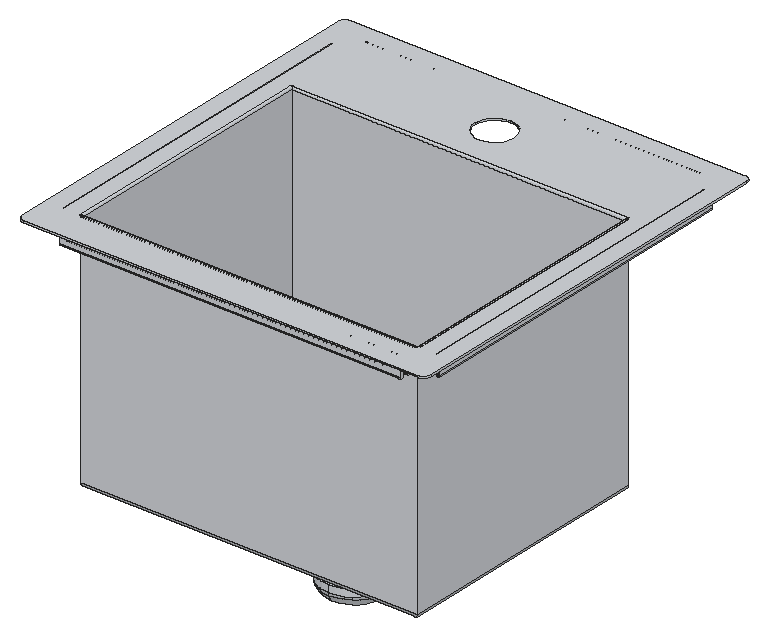
Revit family "Sink-Bar-KOHLER-Vault-K-3840", category Plumbing Fixtures, host Face, Revit 2015 (continued)
Definition of nested family "K-3840"
  Automatic sketch dimensions
    curve 13 to plane 1 "Center (Front/Back)" = 2.35295"
    curve 321 to curve 13 = 0.55059"
    curve 320 to curve 321 = 0.0668"
    curve 322 to curve 320 = 0.08692"
    curve 319 to plane 1 "Center (Front/Back)" = 1.03326"
    plane 1 "Center (Front/Back)" to curve 319 = 1.01763"
    curve 322 to curve 319 = 0.61538"
    curve 320 to curve 322 = 0.08692"
    curve 321 to curve 320 = 0.06689"
    plane 10 to curve 13 = 0.33236"
    curve 13 to curve 321 = 0.60531"
    plane 10 to curve 14 = 0.50277"
    curve 14 to plane 8 = 1.30499"
    curve 11 to plane 16 = 0.60072"
    curve 11 to plane 8 = 1.30499"
    curve 12 to curve 11 = 0.077"
    curve 8 to curve 12 = 0"
    curve 9 to curve 8 = 0.51825"
    curve 9 to curve 9 = 0.13752"
    curve 8 to plane 5 = 1.16549"
    curve 12 to curve 8 = 0"
    curve 8 to curve 10 = 0.5186"
    curve 10 to curve 10 = 0.13752"
    curve 320 to plane 10 = 1.30482"
    curve 322 to curve 320 = 0.09045"
    plane 18 to curve 319 = 0.58853"
    plane 10 to curve 14 = 0.50145"
    curve 11 to plane 16 = 0.60045"
    curve 12 to plane 16 = 0.30036"
    Extrusion 27 sketch curve to plane 3 "Center (Left/Right)" = 0"
    radius of Extrusion 2 sketch curve = 2.18114"
    radius of Sweep 8 sketch curve = 0.09303"
    radius of Sweep 9 sketch curve = 2.21003"
    radius of Sweep 9 sketch curve = 0.09562"
    radius of Blend 10 sketch curve = 0.33386"
    radius of Blend 11 sketch curve = 0.33386"
    radius of Blend 12 sketch curve = 0.33386"
    radius of Blend 13 sketch curve = 0.33386"
    radius of Sweep 14 sketch curve = 0.09262"
    radius of Sweep 15 sketch curve = 0.09262"
    radius of Sweep 16 sketch curve = 0.09262"
    radius of Sweep 17 sketch curve = 0.09262"
    radius of Sweep 18 sketch curve = 0.09262"
    radius of Sweep 19 sketch curve = 0.09262"
    radius of Extrusion 20 sketch curve = 0.05375"  (x4)
    radius of Extrusion 21 sketch curve = 0.05375"  (x5)
    radius of Sweep 22 sketch curve = 0.05375"  (x2)
    radius of Extrusion 23 sketch curve = 2"
    radius of Extrusion 26 sketch curve = 0.09537"  (x60)
    radius of Extrusion 29 sketch curve = 3/4"
    radius of curve 15 = 0.71891"
    radius of curve 16 = 0.71891"
    radius of curve 17 = 0.71891"
    radius of curve 77 = 0.09537"
    radius of curve 78 = 0.09537"
    radius of curve 97 = 0.09537"
    radius of curve 98 = 0.09537"
    radius of curve 109 = 0.09537"
    radius of curve 164 = 0.09537"
    radius of curve 165 = 0.30957"
    radius of curve 166 = 2"
    radius of curve 273 = 0.71891"
    radius of curve 274 = 0.71891"
    radius of curve 275 = 0.71742"
    radius of curve 318 = 1.64979"
    radius of Extrusion 27 sketch curve = 0.71891"
    radius of Extrusion 28 sketch curve = 0.71891"  (x2)
Types (4): name | Type | Top Mount Height | Product Page URL | Product Documentation Link | Model | Faucet Hole Spacing | Description | 3 Faucet Holes | 2 Faucet Holes | -1
  (no name) | 1 | 0" | "http://www.us.kohler.com/us/catalog/productDetails.jsp?productNumber=3840-1" | "https://www.us.kohler.com/webassets/kpna/catalog/pdf/en/K-3840-1_spec.pdf" | "K-3840-1-NA" | 0" | "15inch x 15inch x 9-5/16inch top-/under-mount bar sink with single faucet hole\r\n" | no | no | yes
  1 Faucet Holes, NA-Stainless Steel | 1 | 0" | "http://www.us.kohler.com/us/catalog/productDetails.jsp?productNumber=3840-1" | "https://www.us.kohler.com/webassets/kpna/catalog/pdf/en/K-3840-1_spec.pdf" | "K-3840-1-NA" | 0" | "15inch x 15inch x 9-5/16inch top-/under-mount bar sink with single faucet hole\r\n" | no | no | yes
  2 Faucet Holes, NA-Stainless Steel | 2 | 0" | "http://www.us.kohler.com/us/catalog/productDetails.jsp?productNumber=3840-2" | "https://www.us.kohler.com/webassets/kpna/catalog/pdf/en/K-3840-2_spec.pdf" | "K-3840-2-NA" | 4" | "15inch x 15inch x 9-5/16inch top-/under-mount bar sink with 2 faucet holes\r\n" | no | yes | no
  3 Faucet Holes, NA-Stainless Steel | 3 | 1" | "http://www.us.kohler.com/us/catalog/productDetails.jsp?productNumber=3840-3" | "https://www.us.kohler.com/webassets/kpna/catalog/pdf/en/K-3840-3_spec.pdf" | "K-3840-3-NA" | 8" | "12-1/4inch x 9-9/16inch x 9inch top-/under-mount bar sink with 3 faucet holes\r\n" | yes | no | no
